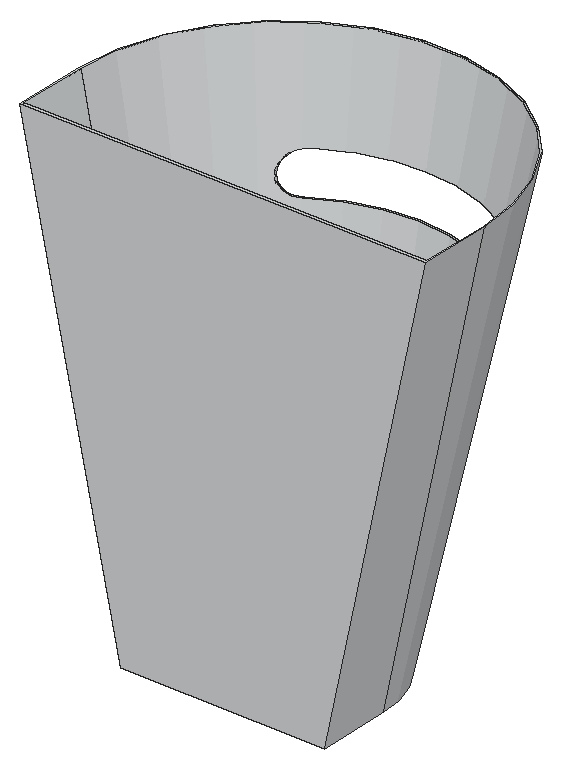
Revit family
Parameters (values of type "Continuous Spouting - Ed Kelly (Zinc)")
  Ownership = "Continuous Spouting New Zealand Ltd"
  Outlet Width = 140.0 mm
  Top Width = 300.0 mm
  Downpipe Radius = 40.0 mm
  Downpipe Offset = Distance from Wall + 80.0 mm  # 100.0 mm
  Base Width = 150.0 mm
  URL = "http://www.productspec.net/products/8630/continuous-spouting-new-zealand-ltd/rainwater-heads-ned-kelly.aspx"
  Type Comments = "Rainwater Head"
  Rainwater Head = Zinc
  Model = "Ed Kelly"
  Manufacturer = "Continuous Spouting New Zealand Ltd"
  Height = 350.0 mm
  Distance from Wall = 20.0 mm
  Top Radius = Top Width / 2  # 150.0 mm
  Created By = "Productspec Ltd"
  Base Radius = Base Width / 2  # 75.0 mm
  Author = "Zinder Zhao"
Types (5, lengths in mm): name | Rainwater Head
  Continuous Spouting - Ed Kelly (Copper) | Copper
  Continuous Spouting - Ed Kelly (Colorcote®) | Colorcote®
  Continuous Spouting - Ed Kelly (Aluminium) | Aluminium
  Continuous Spouting - Ed Kelly (Zinc) | Zinc
  Continuous Spouting - Ed Kelly (Unpainted Zincalume) | Unpainted Zincalume
Reference planes
  plane 1: y = 0
  plane 2 "Center (Left/Right)": x = 125
  plane 3 "Back": y = 75
  plane 4 "Rainwater Head Back": y = 95
  plane 5: z = 275
  plane 6: z = 245
  plane 7: z = 350
  plane 8: x = 50
  plane 9: x = 200
  plane 10: x = -25
  plane 11: x = 275
  plane 12: y = 175
Forms (mm)
  Extrusion 1, solid, material "Zinc" <- "Rainwater Head"
    sketch origin (0, 95, 0) x (-1, 0, 0) y (0, 0, 1)
      loop
        line (26, 350) -> (-276, 350) -> (-201, 0) -> (-49, 0) -> (26, 350)
    from 0 to 2
  Blend 2, solid, material "Zinc" <- "Rainwater Head"
    base sketch origin (-1763.567, -353.376, 0) x (1, 0, 0) y (0, 1, 0)
      loop
        line (1813.567, 450.376) -> (1813.567, 503.376)
        arc (1813.567, 503.376) -> (1888.567, 578.376) -> (1963.567, 503.376) r 75
        line (1963.567, 503.376) -> (1963.567, 450.376) -> (1964.567, 450.376) -> (1964.567, 503.376)
        arc (1964.567, 503.376) -> (1888.567, 579.376) -> (1812.567, 503.376) r 76
        line (1812.567, 503.376) -> (1812.567, 450.376) -> (1813.567, 450.376)
    top sketch origin (-1763.567, -353.376, 0) x (1, 0, 0) y (0, 1, 0)
      loop
        line (1738.567, 450.376) -> (1738.567, 503.376)
        arc (1738.567, 503.376) -> (1888.567, 653.376) -> (2038.567, 503.376) r 150
        line (2038.567, 503.376) -> (2038.567, 450.376) -> (2039.567, 450.376) -> (2039.567, 503.376)
        arc (2039.567, 503.376) -> (1888.567, 654.376) -> (1737.567, 503.376) r 151
        line (1737.567, 503.376) -> (1737.567, 450.376) -> (1738.567, 450.376)
    from 0 to 350
  Extrusion 3, solid, material "Zinc" <- "Rainwater Head"
    sketch origin (0, 0, 0) x (1, 0, 0) y (0, 1, 0)
      loop
        line (50, 150) -> (50, 97) -> (200, 97) -> (200, 150)
        arc (200, 150) -> (125, 225) -> (50, 150) r 75
      loop
        circle (125, 175) r 40
    from 0 to 2
  Extrusion 4, void
    sketch origin (0, 349.536, 0) x (1, 0, 0) y (0, 0, 1)
      loop
        line (195, 275) -> (55, 275)
        arc (55, 275) -> (40, 260) -> (55, 245) r 15
        line (55, 245) -> (195, 245)
        arc (195, 245) -> (210, 260) -> (195, 275) r 15
    from -65.477 to 174.536
Cuts and joins
  Extrusion 4 cuts Blend 2
  Extrusion 4 cuts Extrusion 3
  joined: Extrusion 1, Blend 2, Extrusion 3
Lines and regions (mm)
  symbolic lines, style "Rainwater Head", detail levels medium+fine
    curve 1: line (-26, 150, 0) -> (-26, 95, 0)
    curve 2: arc (276, 150, 0) -> (125, 301, 0) -> (-26, 150, 0) r 151
    curve 3: line (276, 95, 0) -> (276, 150, 0)
    curve 4: line (-26, 95, 0) -> (276, 95, 0)
    curve 5: arc (165, 175, 0) -> (125, 135, 0) -> (85, 175, 0) r 40
    curve 6: arc (85, 175, 0) -> (125, 215, 0) -> (165, 175, 0) r 40
Text (mm)
  text "Placement side" at (-1787.139, 592.35, 0), in view "Ref. Level"
  text "Placement side" at (0, 1827.695, 2917.686), in view "Left"
  text "Placement side" at (0, 562.268, 3853.606), in view "Right"
Dimensions and locks
  locked: plane 3 "Back" to host wall at 0
  "Distance from Wall": plane 4 "Rainwater Head Back" to plane 3 "Back"
  locked: plane 6 to plane 5 at 30
  "Height": level to plane 7
  equal spacing: plane 10, plane 2 "Center (Left/Right)", plane 11
  "Top Width": plane 10 to plane 11
  equal spacing: plane 8, plane 2 "Center (Left/Right)", plane 9
  "Base Width": plane 8 to plane 9
  "Downpipe Offset": plane 12 to plane 3 "Back"
  locked: plane 5 to plane 7 at 75
  "Base Radius": radius of Blend 2 sketch curve
  "Top Radius": radius of Blend 2 sketch curve
  "Downpipe Radius": radius of Extrusion 3 sketch curve
  aligned and locked: host wall to plane 1
  aligned and locked: Extrusion 3 sketch curve to Blend 2
  aligned and locked: Blend 2 to Extrusion 3 sketch curve
  aligned and locked: Extrusion 1 sketch curve to cut or joined group of Extrusion 1, Blend 2, Extrusion 3, Extrusion 4  (x3)
  aligned and locked: Extrusion 1 sketch curve to level
  aligned and locked: plane 7 to cut or joined group of Extrusion 1, Blend 2, Extrusion 3, Extrusion 4
  aligned and locked: cut or joined group of Extrusion 1, Blend 2, Extrusion 3, Extrusion 4 to plane 4 "Rainwater Head Back"
  aligned and locked: cut or joined group of Extrusion 1, Blend 2, Extrusion 3, Extrusion 4 to plane 8
  aligned and locked: plane 9 to cut or joined group of Extrusion 1, Blend 2, Extrusion 3, Extrusion 4
  aligned and locked: plane 10 to cut or joined group of Extrusion 1, Blend 2, Extrusion 3, Extrusion 4
  aligned and locked: cut or joined group of Extrusion 1, Blend 2, Extrusion 3, Extrusion 4 to plane 11
  aligned and locked: curve 2 to cut or joined group of Extrusion 1, Blend 2, Extrusion 3, Extrusion 4
  aligned and locked: curve 4 to cut or joined group of Extrusion 1, Blend 2, Extrusion 3, Extrusion 4
  aligned and locked: curve 5 to cut or joined group of Extrusion 1, Blend 2, Extrusion 3, Extrusion 4
Automatic sketch dimensions
  Extrusion 4 sketch curve to plane 5 = 0.0 mm
  Extrusion 4 sketch curve to plane 6 = 0.0 mm
  Extrusion 4 sketch curve to plane 2 "Center (Left/Right)" = 70.0 mm
  plane 2 "Center (Left/Right)" to Extrusion 4 sketch curve = 70.0 mm
  Blend 2 sketch curve to Blend 2 sketch curve = 0.0 mm  (x6)
  Blend 2 sketch curve to plane 2 "Center (Left/Right)" = 0.0 mm  (x2)
  plane 4 "Rainwater Head Back" to Blend 2 sketch curve = 2.0 mm  (x4)
  Blend 2 sketch curve to Blend 2 sketch curve = 1.0 mm  (x2)
  Blend 2 sketch curve to Blend 2 sketch curve = 53.0 mm  (x2)
  Extrusion 3 sketch curve to plane 2 "Center (Left/Right)" = 0.0 mm
  Extrusion 3 sketch curve to plane 12 = 0.0 mm
  plane 4 "Rainwater Head Back" to Extrusion 3 sketch curve = 2.0 mm
Connectors
  piping at (125, 175, 0), driven by "Downpipe Radius"
    settings: on cut or joined group of Extrusion 1, Blend 2, Extrusion 3, Extrusion 4, index 1
